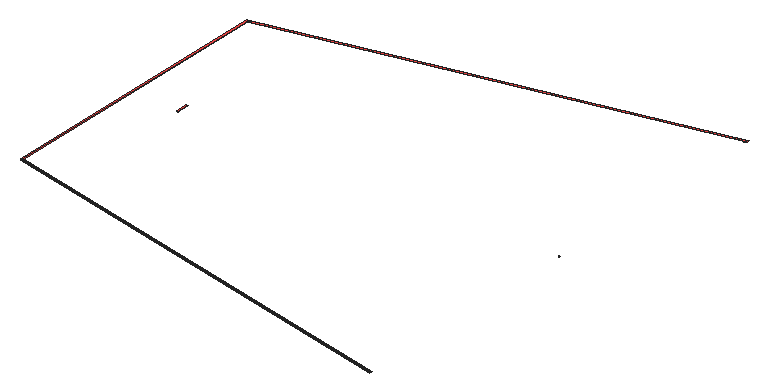
Revit family "Basket - övning", category Generic Models, Revit 2019
Family settings
  Can host rebar = No
  Round Connector Dimension = Use Diameter
  Part Type = Normal
  Work Plane-Based = No
  Always vertical = Yes
  Cut with Voids When Loaded = No
  Shared = No
  Room Calculation Point = No
Parameters
  URL = "www.saxi.se"
  Model = "Linjering Basket övning"
  Manufacturer = "Saxi Vägg AB"
Reference planes
  plane 1 "Center (Front/Back)": y = 0
  plane 2: z = 0
  plane 3 "Center (Left/Right)": x = 0
Forms (mm)
  Extrusion 1, solid, material "Basket_linjering"
    sketch origin (0, 0, 0) x (1, 0, 0) y (0, 1, 0)
      loop
        line (0.167, 2979.66) -> (0.167, 3000.148) -> (-5399.833, 1800.148) -> (-5399.833, -1799.852) -> (0.167, -2999.852) -> (0.167, -2979.364) -> (-5379.833, -1783.809) -> (-5379.833, 1784.105) -> (0.167, 2979.66)
      loop
        line (-4799.833, 75.148) -> (-4799.833, -74.852) -> (-4779.833, -74.852) -> (-4779.833, 75.148) -> (-4799.833, 75.148)
      loop
        circle (0, 0) r 3.228
    from 0 to 2
Dimensions and locks
  aligned and locked: level to plane 2
